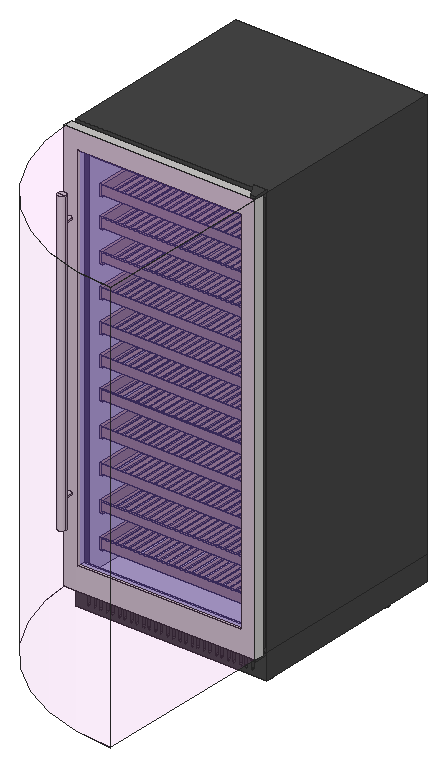
Revit family "QF_Summit_SWC1127B_Bottle_Wine_Cellar_For_Built_In", category Specialty Equipment, Revit 2020
Family settings
  Round Connector Dimension = Use Diameter
  Part Type = Normal
  Work Plane-Based = No
  Always vertical = Yes
  Cut with Voids When Loaded = No
  Shared = No
  Room Calculation Point = No
Parameters
  Weight in Pounds = 161
  Watts = Volts * FL Amps  # 207 W
  Volts = 115 V
  URL Cutsheet = ""
  Specification by User = ""
  Specification by Manufacturer = ""
  Show RHD [instance] = not(Show LHD)  # no
  Show LHD [instance] = yes
  Show Clearance [instance] = yes
  Serial Number = ""
  Seismic Rating = ""
  SMACNA No = ""
  Revision Code = ""
  Refrigerant Volume = 0.00 kip
  Refrigerant Type = "R600a"
  Phase = 1
  Number of Poles = 1
  NAFEM Spec ID Number = ""
  Model = "SWC1127B"
  Min Ckt Ampacity = 0 A
  Max Overcurrent Protection = 0 A
  Masterspec = ""
  Manufacturer = "Summit"
  Length = 23.63"
  Item Number = ""
  Installed By = ""
  Identify Quantity as Lot = yes
  Height = 55 1/4"
  HP = ""
  Furnished By = ""
  Foodservice Equipment Identifier = yes
  FL Amps = 1.8 A
  Electrical Remarks = ""
  Electric Connection Type = ""
  Elec Conn RI Height = 0"
  Elec Conn Connection Height = 0"
  Description = "Bottle Wine Cellar for Built In"
  Depth = 26 1/2"
  Default Elevation = 0"
  Cycle = 60 Hz
  Conn Plug = ""
  Conn Conduit = yes
  CSI MasterFormat = ""
  BTUH = 0.0 Btu/h
  Apparent Power = 0 VA
Reference planes (in)
  plane 1 "BACK": y = 0
  plane 2: z = 0
  plane 3 "LEFT": x = 0
  plane 4 "RIGHT": x = 23.63
  plane 5 "FRONT": y = -26.5
  plane 6 "TOP": z = 55.25
  plane 7 "Center Y": x = 11.815
  plane 8 "Center X": y = -13.25
Dimensions and locks (in)
  equal spacing: plane 3 "LEFT", plane 7 "Center Y", plane 4 "RIGHT"
  "Length": plane 3 "LEFT" to plane 4 "RIGHT"
  equal spacing: plane 5 "FRONT", plane 8 "Center X", plane 1 "BACK"
  "Depth": plane 5 "FRONT" to plane 1 "BACK"
  "Height": plane 6 "TOP" to level
  aligned and locked: level to plane 2
Nested families (in)
  nested 1: "SWC1127B" at (0, 0, 0), Show Clearance <- "Show Clearance", Show LHD <- "Show LHD", Show RHD <- "Show RHD", type "SWC1127B"
    with Show RHD no, Show LHD yes, Show Clearance yes
Connectors (in)
  electrical at (20.63579, 0.03125, 1.78785), driven by "Volts", driven by "Watts"
    settings: on nested 1, index 1, voltage 115 V, apparent load 207 VA, apparent load phase1 0 VA, apparent load phase2 0 VA, apparent load phase3 0 VA, power factor 1, load classification "Other", number of poles 1, system type 30, power factor state 1, is connector primary yes, connector utility no, sub classification motor no, connector description "ELECTRICAL CONNECTION"
Definition of nested family "SWC1127B"
  Parameters (values of type "SWC1127B")
    Weight in Pounds = 0
    URL Cutsheet = ""
    Specification by User = ""
    Specification by Manufacturer = ""
    Show RHD [instance] = no
    Show LHD [instance] = yes
    Show Clearance [instance] = yes
    Serial Number = ""
    Seismic Rating = ""
    SMACNA No = ""
    Revision Code = ""
    NAFEM Spec ID Number = ""
    Masterspec = ""
    Length = 23.63"
    Item Number = ""
    Installed By = ""
    Identify Quantity as Lot = yes
    Height = 55 1/4"
    Furnished By = ""
    Foodservice Equipment Identifier = yes
    Depth = 26 1/2"
    Default Elevation = 0"
    CSI MasterFormat = ""
  Reference planes (in)
    plane 1 "BACK": y = 0
    plane 2: z = 0
    plane 3 "LEFT": x = 0
    plane 4 "RIGHT": x = 23.63
    plane 5 "FRONT": y = -26.5
    plane 6 "TOP": z = 55.25
    plane 7 "Center Y": x = 11.815
    plane 8 "Center X": y = -13.25
    plane 9: y = -48.75
    plane 10: y = -3.68327
    plane 11: x = 0
    plane 12: x = 23.63
  Forms (in)
    Extrusion 1, solid
      sketch origin (-5.38661, -180, 1.25) x (-1, 0, 0) y (0, -1, 0)
        loop
          line (-5.38661, -180) -> (-5.38661, -155.25) -> (-29.01661, -155.25) -> (-29.01661, -180) -> (-5.38661, -180)
      from 0 to 3
    Extrusion 2, solid
      sketch origin (-5.38661, -180, 4.25) x (-1, 0, 0) y (0, -1, 0)
        loop
          line (-5.38661, -180) -> (-5.38661, -155.25) -> (-29.01661, -155.25) -> (-29.01661, -180) -> (-5.38661, -180)
      from 0 to 51
    Extrusion 3, solid
      sketch origin (-5.38661, -180, 4.25) x (0, -1, 0) y (-1, 0, 0)
        loop
          line (-154.6449, -5.38661) -> (-154.6449, -29.01661) -> (-153.5, -29.01661) -> (-153.5, -5.38661) -> (-154.6449, -5.38661)
      from 0 to -51
    Extrusion 4, solid
      sketch origin (-4.28331, -180, 4.82686) x (-1, 0, 0) y (0, -1, 0)
        loop
          line (-4.48217, -155.25) -> (-4.48217, -154.6449) -> (-27.76343, -154.6449) -> (-27.76343, -155.25) -> (-4.48217, -155.25)
      from 0 to 49.90514
    Extrusion 5, void
      sketch origin (51.83013, -180, 54.1875) x (-1, 0, 0) y (0, -1, 0)
        loop
          arc (49.65426, -176.31673) -> (50.00781, -176.17028) -> (50.15426, -175.81673) r 0.5
          line (50.15426, -175.81673) -> (50.15426, -154.6449) -> (29.88763, -154.6449) -> (29.88763, -175.81673)
          arc (29.88763, -175.81673) -> (30.03407, -176.17028) -> (30.38763, -176.31673) r 0.5
          line (30.38763, -176.31673) -> (49.65426, -176.31673)
      from 0 to -48.875
    Extrusion 6, void
      sketch origin (24.17997, -26.5, 4.25) x (1, 0, 0) y (0, 0, -1)
        loop
          line (-22.50411, -48.87651) -> (-2.23747, -48.87651) -> (-2.23747, -2.72271) -> (-22.50411, -2.72271) -> (-22.50411, -48.87651)
      from 0 to 1.1449
    Extrusion 7, solid
      sketch origin (0.96511, -23.24324, 48) x (-1, 0, 0) y (0, 0, 1)
        loop
          line (-0.71075, 0.00975) -> (-1.21075, 0.00975) -> (-1.21075, -1.38062) -> (-0.71075, -1.38062) -> (-0.71075, 0.00975)
        loop
          line (-0.71075, -3.584) -> (-1.21075, -3.584) -> (-1.21075, -4.97437) -> (-0.71075, -4.97437) -> (-0.71075, -3.584)
        loop
          line (-0.71075, -7.459) -> (-1.21075, -7.459) -> (-1.21075, -8.84937) -> (-0.71075, -8.84937) -> (-0.71075, -7.459)
        loop
          line (-0.71075, -11.3965) -> (-1.21075, -11.3965) -> (-1.21075, -12.78687) -> (-0.71075, -12.78687) -> (-0.71075, -11.3965)
        loop
          line (-0.71075, -15.27237) -> (-1.21075, -15.27237) -> (-1.21075, -16.66274) -> (-0.71075, -16.66274) -> (-0.71075, -15.27237)
        loop
          line (-0.71075, -18.92841) -> (-1.21075, -18.92841) -> (-1.21075, -20.31878) -> (-0.71075, -20.31878) -> (-0.71075, -18.92841)
        loop
          line (-0.71075, -22.67841) -> (-1.21075, -22.67841) -> (-1.21075, -24.06878) -> (-0.71075, -24.06878) -> (-0.71075, -22.67841)
        loop
          line (-0.71075, -26.80341) -> (-1.21075, -26.80341) -> (-1.21075, -28.19378) -> (-0.71075, -28.19378) -> (-0.71075, -26.80341)
        loop
          line (-0.71075, -30.92841) -> (-1.21075, -30.92841) -> (-1.21075, -32.31878) -> (-0.71075, -32.31878) -> (-0.71075, -30.92841)
        loop
          line (-0.71075, -35.05428) -> (-1.21075, -35.05428) -> (-1.21075, -36.44465) -> (-0.71075, -36.44465) -> (-0.71075, -35.05428)
        loop
          line (-0.71075, -39.17928) -> (-1.21075, -39.17928) -> (-1.21075, -40.56965) -> (-0.71075, -40.56965) -> (-0.71075, -39.17928)
        loop
          line (-20.97739, 0.00975) -> (-20.97739, -1.38062) -> (-20.47739, -1.38062) -> (-20.47739, 0.00975) -> (-20.97739, 0.00975)
        loop
          line (-20.97739, -3.584) -> (-20.97739, -4.97437) -> (-20.47739, -4.97437) -> (-20.47739, -3.584) -> (-20.97739, -3.584)
        loop
          line (-20.97739, -7.459) -> (-20.97739, -8.84937) -> (-20.47739, -8.84937) -> (-20.47739, -7.459) -> (-20.97739, -7.459)
        loop
          line (-20.97739, -11.3965) -> (-20.97739, -12.78687) -> (-20.47739, -12.78687) -> (-20.47739, -11.3965) -> (-20.97739, -11.3965)
        loop
          line (-20.97739, -15.27237) -> (-20.97739, -16.66274) -> (-20.47739, -16.66274) -> (-20.47739, -15.27237) -> (-20.97739, -15.27237)
        loop
          line (-20.97739, -18.92841) -> (-20.97739, -20.31878) -> (-20.47739, -20.31878) -> (-20.47739, -18.92841) -> (-20.97739, -18.92841)
        loop
          line (-20.97739, -22.67841) -> (-20.97739, -24.06878) -> (-20.47739, -24.06878) -> (-20.47739, -22.67841) -> (-20.97739, -22.67841)
        loop
          line (-20.97739, -26.80341) -> (-20.97739, -28.19378) -> (-20.47739, -28.19378) -> (-20.47739, -26.80341) -> (-20.97739, -26.80341)
        loop
          line (-20.97739, -30.92841) -> (-20.97739, -32.31878) -> (-20.47739, -32.31878) -> (-20.47739, -30.92841) -> (-20.97739, -30.92841)
        loop
          line (-20.97739, -35.05428) -> (-20.97739, -36.44465) -> (-20.47739, -36.44465) -> (-20.47739, -35.05428) -> (-20.97739, -35.05428)
        loop
          line (-20.97739, -39.17928) -> (-20.97739, -40.56965) -> (-20.47739, -40.56965) -> (-20.47739, -39.17928) -> (-20.97739, -39.17928)
      from 0 to 13.34917
    Extrusion 8, solid
      sketch origin (51.83013, -180, 5.3125) x (-1, 0, 0) y (0, -1, 0)
        loop
          line (50.15426, -175.81673) -> (50.15426, -170.31673) -> (29.88763, -170.31673) -> (29.88763, -175.81673)
          arc (29.88763, -175.81673) -> (30.03407, -176.17028) -> (30.38763, -176.31673) r 0.5
          line (30.38763, -176.31673) -> (49.65426, -176.31673)
          arc (49.65426, -176.31673) -> (50.00781, -176.17028) -> (50.15426, -175.81673) r 0.5
      from 0 to 4.79633
    Extrusion 9, solid
      sketch origin (0.96511, -23.24324, 48) x (1, 0, 0) y (0, 0, 1)
        loop
          line (1.21075, 0.00975) -> (1.21075, -1.07181) -> (20.47739, -1.07181) -> (20.47739, 0.00975) -> (1.21075, 0.00975)
        loop
          line (1.21075, -3.584) -> (1.21075, -4.67397) -> (20.47739, -4.67397) -> (20.47739, -3.584) -> (1.21075, -3.584)
        loop
          line (1.21075, -7.459) -> (1.21075, -8.54897) -> (20.47739, -8.54897) -> (20.47739, -7.459) -> (1.21075, -7.459)
        loop
          line (1.21075, -11.3965) -> (1.21075, -12.48647) -> (20.47739, -12.48647) -> (20.47739, -11.3965) -> (1.21075, -11.3965)
        loop
          line (1.21075, -22.67841) -> (1.21075, -23.76838) -> (20.47739, -23.76838) -> (20.47739, -22.67841) -> (1.21075, -22.67841)
        loop
          line (1.21075, -26.80341) -> (1.21075, -27.89338) -> (20.47739, -27.89338) -> (20.47739, -26.80341) -> (1.21075, -26.80341)
        loop
          line (1.21075, -35.05428) -> (1.21075, -36.13584) -> (20.47739, -36.13584) -> (20.47739, -35.05428) -> (1.21075, -35.05428)
        loop
          line (1.21075, -39.17928) -> (1.21075, -40.26926) -> (20.47739, -40.26926) -> (20.47739, -39.17928) -> (1.21075, -39.17928)
        loop
          line (1.21075, -30.92841) -> (1.21075, -32.01838) -> (20.47739, -32.01838) -> (20.47739, -30.92841) -> (1.21075, -30.92841)
        loop
          line (1.21075, -18.92841) -> (1.21075, -20.01838) -> (20.47739, -20.01838) -> (20.47739, -18.92841) -> (1.21075, -18.92841)
        loop
          line (1.21075, -15.27237) -> (1.21075, -16.36235) -> (20.47739, -16.36235) -> (20.47739, -15.27237) -> (1.21075, -15.27237)
      from 0 to 0.125
    Extrusion 10, solid
      sketch origin (0.96511, -9.89407, 47.84375) x (1, 0, 0) y (0, 0, -1)
        loop
          line (1.21075, -0.166) -> (20.47739, -0.166) -> (20.47739, 0.91556) -> (1.21075, 0.91556) -> (1.21075, -0.166)
        loop
          line (1.21075, 3.42775) -> (20.47739, 3.42775) -> (20.47739, 4.51772) -> (1.21075, 4.51772) -> (1.21075, 3.42775)
        loop
          line (1.21075, 7.30275) -> (20.47739, 7.30275) -> (20.47739, 8.39272) -> (1.21075, 8.39272) -> (1.21075, 7.30275)
        loop
          line (1.21075, 11.24025) -> (20.47739, 11.24025) -> (20.47739, 12.33022) -> (1.21075, 12.33022) -> (1.21075, 11.24025)
        loop
          line (1.21075, 22.52216) -> (20.47739, 22.52216) -> (20.47739, 23.61213) -> (1.21075, 23.61213) -> (1.21075, 22.52216)
        loop
          line (1.21075, 26.64716) -> (20.47739, 26.64716) -> (20.47739, 27.73713) -> (1.21075, 27.73713) -> (1.21075, 26.64716)
        loop
          line (1.21075, 34.89803) -> (20.47739, 34.89803) -> (20.47739, 35.97959) -> (1.21075, 35.97959) -> (1.21075, 34.89803)
        loop
          line (1.21075, 39.02303) -> (20.47739, 39.02303) -> (20.47739, 40.11301) -> (1.21075, 40.11301) -> (1.21075, 39.02303)
        loop
          line (1.21075, 30.77216) -> (20.47739, 30.77216) -> (20.47739, 31.86213) -> (1.21075, 31.86213) -> (1.21075, 30.77216)
        loop
          line (1.21075, 18.77216) -> (20.47739, 18.77216) -> (20.47739, 19.86213) -> (1.21075, 19.86213) -> (1.21075, 18.77216)
        loop
          line (1.21075, 15.11612) -> (20.47739, 15.11612) -> (20.47739, 16.2061) -> (1.21075, 16.2061) -> (1.21075, 15.11612)
      from 0 to 0.125
    Extrusion 11, solid
      sketch origin (-17.90989, -23.24324, 47.85217) x (1, 0, 0) y (0, 0, 1)
        loop
          line (20.08575, -0.92397) -> (20.58575, -0.92397) -> (20.58575, -0.85114) -> (20.08575, -0.85114) -> (20.08575, -0.92397)
      from 0 to -13.34917
    Extrusion 12, solid
      sketch origin (0.85675, -23.24324, 47.85217) x (1, 0, 0) y (0, 0, 1)
        loop
          line (20.08575, -0.92397) -> (20.58575, -0.92397) -> (20.58575, -0.85114) -> (20.08575, -0.85114) -> (20.08575, -0.92397)
      from 0 to -13.34917
    Extrusion 13, solid
      sketch origin (-17.12794, -23.24324, 47.85217) x (1, 0, 0) y (0, 0, 1)
        loop
          line (20.08575, -0.92397) -> (20.58575, -0.92397) -> (20.58575, -0.85114) -> (20.08575, -0.85114) -> (20.08575, -0.92397)
      from 0 to -13.34917
    Extrusion 14, solid
      sketch origin (-16.346, -23.24324, 47.85217) x (1, 0, 0) y (0, 0, 1)
        loop
          line (20.08575, -0.92397) -> (20.58575, -0.92397) -> (20.58575, -0.85114) -> (20.08575, -0.85114) -> (20.08575, -0.92397)
      from 0 to -13.34917
    Extrusion 15, solid
      sketch origin (-15.56406, -23.24324, 47.85217) x (1, 0, 0) y (0, 0, 1)
        loop
          line (20.08575, -0.92397) -> (20.58575, -0.92397) -> (20.58575, -0.85114) -> (20.08575, -0.85114) -> (20.08575, -0.92397)
      from 0 to -13.34917
    Extrusion 16, solid
      sketch origin (-14.78211, -23.24324, 47.85217) x (1, 0, 0) y (0, 0, 1)
        loop
          line (20.08575, -0.92397) -> (20.58575, -0.92397) -> (20.58575, -0.85114) -> (20.08575, -0.85114) -> (20.08575, -0.92397)
      from 0 to -13.34917
    Extrusion 17, solid
      sketch origin (-14.00017, -23.24324, 47.85217) x (1, 0, 0) y (0, 0, 1)
        loop
          line (20.08575, -0.92397) -> (20.58575, -0.92397) -> (20.58575, -0.85114) -> (20.08575, -0.85114) -> (20.08575, -0.92397)
      from 0 to -13.34917
    Extrusion 18, solid
      sketch origin (-13.21823, -23.24324, 47.85217) x (1, 0, 0) y (0, 0, 1)
        loop
          line (20.08575, -0.92397) -> (20.58575, -0.92397) -> (20.58575, -0.85114) -> (20.08575, -0.85114) -> (20.08575, -0.92397)
      from 0 to -13.34917
    Extrusion 19, solid
      sketch origin (-12.43629, -23.24324, 47.85217) x (1, 0, 0) y (0, 0, 1)
        loop
          line (20.08575, -0.92397) -> (20.58575, -0.92397) -> (20.58575, -0.85114) -> (20.08575, -0.85114) -> (20.08575, -0.92397)
      from 0 to -13.34917
    Extrusion 20, solid
      sketch origin (-11.65434, -23.24324, 47.85217) x (1, 0, 0) y (0, 0, 1)
        loop
          line (20.08575, -0.92397) -> (20.58575, -0.92397) -> (20.58575, -0.85114) -> (20.08575, -0.85114) -> (20.08575, -0.92397)
      from 0 to -13.34917
    Extrusion 21, solid
      sketch origin (-10.8724, -23.24324, 47.85217) x (1, 0, 0) y (0, 0, 1)
        loop
          line (20.08575, -0.92397) -> (20.58575, -0.92397) -> (20.58575, -0.85114) -> (20.08575, -0.85114) -> (20.08575, -0.92397)
      from 0 to -13.34917
    Extrusion 22, solid
      sketch origin (-10.09046, -23.24324, 47.85217) x (1, 0, 0) y (0, 0, 1)
        loop
          line (20.08575, -0.92397) -> (20.58575, -0.92397) -> (20.58575, -0.85114) -> (20.08575, -0.85114) -> (20.08575, -0.92397)
      from 0 to -13.34917
    Extrusion 23, solid
      sketch origin (-9.30851, -23.24324, 47.85217) x (1, 0, 0) y (0, 0, 1)
        loop
          line (20.08575, -0.92397) -> (20.58575, -0.92397) -> (20.58575, -0.85114) -> (20.08575, -0.85114) -> (20.08575, -0.92397)
      from 0 to -13.34917
    Extrusion 24, solid
      sketch origin (-8.52657, -23.24324, 47.85217) x (1, 0, 0) y (0, 0, 1)
        loop
          line (20.08575, -0.92397) -> (20.58575, -0.92397) -> (20.58575, -0.85114) -> (20.08575, -0.85114) -> (20.08575, -0.92397)
      from 0 to -13.34917
    Extrusion 25, solid
      sketch origin (-7.74463, -23.24324, 47.85217) x (1, 0, 0) y (0, 0, 1)
        loop
          line (20.08575, -0.92397) -> (20.58575, -0.92397) -> (20.58575, -0.85114) -> (20.08575, -0.85114) -> (20.08575, -0.92397)
      from 0 to -13.34917
    Extrusion 26, solid
      sketch origin (-6.96268, -23.24324, 47.85217) x (1, 0, 0) y (0, 0, 1)
        loop
          line (20.08575, -0.92397) -> (20.58575, -0.92397) -> (20.58575, -0.85114) -> (20.08575, -0.85114) -> (20.08575, -0.92397)
      from 0 to -13.34917
    Extrusion 27, solid
      sketch origin (-6.18074, -23.24324, 47.85217) x (1, 0, 0) y (0, 0, 1)
        loop
          line (20.08575, -0.92397) -> (20.58575, -0.92397) -> (20.58575, -0.85114) -> (20.08575, -0.85114) -> (20.08575, -0.92397)
      from 0 to -13.34917
    Extrusion 28, solid
      sketch origin (-5.3988, -23.24324, 47.85217) x (1, 0, 0) y (0, 0, 1)
        loop
          line (20.08575, -0.92397) -> (20.58575, -0.92397) -> (20.58575, -0.85114) -> (20.08575, -0.85114) -> (20.08575, -0.92397)
      from 0 to -13.34917
    Extrusion 29, solid
      sketch origin (-4.61685, -23.24324, 47.85217) x (1, 0, 0) y (0, 0, 1)
        loop
          line (20.08575, -0.92397) -> (20.58575, -0.92397) -> (20.58575, -0.85114) -> (20.08575, -0.85114) -> (20.08575, -0.92397)
      from 0 to -13.34917
    Extrusion 30, solid
      sketch origin (-3.83491, -23.24324, 47.85217) x (1, 0, 0) y (0, 0, 1)
        loop
          line (20.08575, -0.92397) -> (20.58575, -0.92397) -> (20.58575, -0.85114) -> (20.08575, -0.85114) -> (20.08575, -0.92397)
      from 0 to -13.34917
    Extrusion 31, solid
      sketch origin (-3.05297, -23.24324, 47.85217) x (1, 0, 0) y (0, 0, 1)
        loop
          line (20.08575, -0.92397) -> (20.58575, -0.92397) -> (20.58575, -0.85114) -> (20.08575, -0.85114) -> (20.08575, -0.92397)
      from 0 to -13.34917
    Extrusion 32, solid
      sketch origin (-2.27102, -23.24324, 47.85217) x (1, 0, 0) y (0, 0, 1)
        loop
          line (20.08575, -0.92397) -> (20.58575, -0.92397) -> (20.58575, -0.85114) -> (20.08575, -0.85114) -> (20.08575, -0.92397)
      from 0 to -13.34917
    Extrusion 33, solid
      sketch origin (-1.48908, -23.24324, 47.85217) x (1, 0, 0) y (0, 0, 1)
        loop
          line (20.08575, -0.92397) -> (20.58575, -0.92397) -> (20.58575, -0.85114) -> (20.08575, -0.85114) -> (20.08575, -0.92397)
      from 0 to -13.34917
    Extrusion 34, solid
      sketch origin (-0.70714, -23.24324, 47.85217) x (1, 0, 0) y (0, 0, 1)
        loop
          line (20.08575, -0.92397) -> (20.58575, -0.92397) -> (20.58575, -0.85114) -> (20.08575, -0.85114) -> (20.08575, -0.92397)
      from 0 to -13.34917
    Extrusion 35, solid
      sketch origin (0.07481, -23.24324, 47.85217) x (1, 0, 0) y (0, 0, 1)
        loop
          line (20.08575, -0.92397) -> (20.58575, -0.92397) -> (20.58575, -0.85114) -> (20.08575, -0.85114) -> (20.08575, -0.92397)
      from 0 to -13.34917
    Extrusion 36, solid
      sketch origin (-17.90989, -23.24324, 48) x (1, 0, 0) y (0, 0, 1)
        loop
          line (20.08575, -4.67397) -> (20.58575, -4.67397) -> (20.58575, -4.60114) -> (20.08575, -4.60114) -> (20.08575, -4.67397)
      from 0 to -13.34917
    Extrusion 37, solid
      sketch origin (-17.90989, -23.24324, 48) x (1, 0, 0) y (0, 0, 1)
        loop
          line (20.08575, -8.54897) -> (20.58575, -8.54897) -> (20.58575, -8.47614) -> (20.08575, -8.47614) -> (20.08575, -8.54897)
      from 0 to -13.34766
    Extrusion 38, solid
      sketch origin (-17.90989, -23.24324, 48) x (1, 0, 0) y (0, 0, 1)
        loop
          line (20.08575, -12.48647) -> (20.58575, -12.48647) -> (20.58575, -12.41364) -> (20.08575, -12.41364) -> (20.08575, -12.48647)
      from 0 to -13.34766
    Extrusion 39, solid
      sketch origin (-17.90989, -23.24324, 48) x (1, 0, 0) y (0, 0, 1)
        loop
          line (20.08575, -16.36235) -> (20.58575, -16.36235) -> (20.58575, -16.28951) -> (20.08575, -16.28951) -> (20.08575, -16.36235)
      from 0 to -13.34766
    Extrusion 40, solid
      sketch origin (-17.90989, -23.24324, 48) x (1, 0, 0) y (0, 0, 1)
        loop
          line (20.08575, -20.01838) -> (20.58575, -20.01838) -> (20.58575, -19.94555) -> (20.08575, -19.94555) -> (20.08575, -20.01838)
      from 0 to -13.34766
    Extrusion 41, solid
      sketch origin (-17.90989, -23.24324, 48) x (1, 0, 0) y (0, 0, 1)
        loop
          line (20.08575, -23.76838) -> (20.58575, -23.76838) -> (20.58575, -23.69555) -> (20.08575, -23.69555) -> (20.08575, -23.76838)
      from 0 to -13.34766
    Extrusion 42, solid
      sketch origin (-17.90989, -23.24324, 48) x (1, 0, 0) y (0, 0, 1)
        loop
          line (20.08575, -27.89338) -> (20.58575, -27.89338) -> (20.58575, -27.82055) -> (20.08575, -27.82055) -> (20.08575, -27.89338)
      from 0 to -13.34766
    Extrusion 43, solid
      sketch origin (-17.90989, -23.24324, 48) x (1, 0, 0) y (0, 0, 1)
        loop
          line (20.08575, -32.01838) -> (20.58575, -32.01838) -> (20.58575, -31.94555) -> (20.08575, -31.94555) -> (20.08575, -32.01838)
      from 0 to -13.34766
    Extrusion 44, solid
      sketch origin (-17.90989, -23.24324, 48) x (1, 0, 0) y (0, 0, 1)
        loop
          line (20.08575, -36.14426) -> (20.58575, -36.14426) -> (20.58575, -36.07142) -> (20.08575, -36.07142) -> (20.08575, -36.14426)
      from 0 to -13.34766
    Extrusion 45, solid
      sketch origin (-17.90989, -23.24324, 48) x (1, 0, 0) y (0, 0, 1)
        loop
          line (20.08575, -40.14426) -> (20.58575, -40.14426) -> (20.58575, -40.07142) -> (20.08575, -40.07142) -> (20.08575, -40.14426)
      from 0 to -13.34766
    Extrusion 46, solid
      sketch origin (0.85675, -23.24324, 48) x (1, 0, 0) y (0, 0, 1)
        loop
          line (20.08575, -4.67397) -> (20.58575, -4.67397) -> (20.58575, -4.60114) -> (20.08575, -4.60114) -> (20.08575, -4.67397)
      from 0 to -13.34917
    Extrusion 47, solid
      sketch origin (0.85675, -23.24324, 48) x (1, 0, 0) y (0, 0, 1)
        loop
          line (20.08575, -8.54897) -> (20.58575, -8.54897) -> (20.58575, -8.47614) -> (20.08575, -8.47614) -> (20.08575, -8.54897)
      from 0 to -13.34766
    Extrusion 48, solid
      sketch origin (0.85675, -23.24324, 48) x (1, 0, 0) y (0, 0, 1)
        loop
          line (20.08575, -12.48647) -> (20.58575, -12.48647) -> (20.58575, -12.41364) -> (20.08575, -12.41364) -> (20.08575, -12.48647)
      from 0 to -13.34766
    Extrusion 49, solid
      sketch origin (0.85675, -23.24324, 48) x (1, 0, 0) y (0, 0, 1)
        loop
          line (20.08575, -16.36235) -> (20.58575, -16.36235) -> (20.58575, -16.28951) -> (20.08575, -16.28951) -> (20.08575, -16.36235)
      from 0 to -13.34766
    Extrusion 50, solid
      sketch origin (0.85675, -23.24324, 48) x (1, 0, 0) y (0, 0, 1)
        loop
          line (20.08575, -20.01838) -> (20.58575, -20.01838) -> (20.58575, -19.94555) -> (20.08575, -19.94555) -> (20.08575, -20.01838)
      from 0 to -13.34766
    Extrusion 51, solid
      sketch origin (0.85675, -23.24324, 48) x (1, 0, 0) y (0, 0, 1)
        loop
          line (20.08575, -23.76838) -> (20.58575, -23.76838) -> (20.58575, -23.69555) -> (20.08575, -23.69555) -> (20.08575, -23.76838)
      from 0 to -13.34766
    Extrusion 52, solid
      sketch origin (0.85675, -23.24324, 48) x (1, 0, 0) y (0, 0, 1)
        loop
          line (20.08575, -27.89338) -> (20.58575, -27.89338) -> (20.58575, -27.82055) -> (20.08575, -27.82055) -> (20.08575, -27.89338)
      from 0 to -13.34766
    Extrusion 53, solid
      sketch origin (0.85675, -23.24324, 48) x (1, 0, 0) y (0, 0, 1)
        loop
          line (20.08575, -32.01838) -> (20.58575, -32.01838) -> (20.58575, -31.94555) -> (20.08575, -31.94555) -> (20.08575, -32.01838)
      from 0 to -13.34766
    Extrusion 54, solid
      sketch origin (0.85675, -23.24324, 48) x (1, 0, 0) y (0, 0, 1)
        loop
          line (20.08575, -36.14426) -> (20.58575, -36.14426) -> (20.58575, -36.07142) -> (20.08575, -36.07142) -> (20.08575, -36.14426)
      from 0 to -13.34766
    Extrusion 55, solid
      sketch origin (0.85675, -23.24324, 48) x (1, 0, 0) y (0, 0, 1)
        loop
          line (20.08575, -40.14426) -> (20.58575, -40.14426) -> (20.58575, -40.07142) -> (20.08575, -40.07142) -> (20.08575, -40.14426)
      from 0 to -13.34766
    Extrusion 56, solid
      sketch origin (-17.12794, -23.24324, 48) x (1, 0, 0) y (0, 0, 1)
        loop
          line (20.08575, -4.67397) -> (20.58575, -4.67397) -> (20.58575, -4.60114) -> (20.08575, -4.60114) -> (20.08575, -4.67397)
      from 0 to -13.34917
    Extrusion 57, solid
      sketch origin (-17.12794, -23.24324, 48) x (1, 0, 0) y (0, 0, 1)
        loop
          line (20.08575, -8.54897) -> (20.58575, -8.54897) -> (20.58575, -8.47614) -> (20.08575, -8.47614) -> (20.08575, -8.54897)
      from 0 to -13.34766
    Extrusion 58, solid
      sketch origin (-17.12794, -23.24324, 48) x (1, 0, 0) y (0, 0, 1)
        loop
          line (20.08575, -12.48647) -> (20.58575, -12.48647) -> (20.58575, -12.41364) -> (20.08575, -12.41364) -> (20.08575, -12.48647)
      from 0 to -13.34766
    Extrusion 59, solid
      sketch origin (-17.12794, -23.24324, 48) x (1, 0, 0) y (0, 0, 1)
        loop
          line (20.08575, -16.36235) -> (20.58575, -16.36235) -> (20.58575, -16.28951) -> (20.08575, -16.28951) -> (20.08575, -16.36235)
      from 0 to -13.34766
    Extrusion 60, solid
      sketch origin (-17.12794, -23.24324, 48) x (1, 0, 0) y (0, 0, 1)
        loop
          line (20.08575, -20.01838) -> (20.58575, -20.01838) -> (20.58575, -19.94555) -> (20.08575, -19.94555) -> (20.08575, -20.01838)
      from 0 to -13.34766
    Extrusion 61, solid
      sketch origin (-17.12794, -23.24324, 48) x (1, 0, 0) y (0, 0, 1)
        loop
          line (20.08575, -23.76838) -> (20.58575, -23.76838) -> (20.58575, -23.69555) -> (20.08575, -23.69555) -> (20.08575, -23.76838)
      from 0 to -13.34766
    Extrusion 62, solid
      sketch origin (-17.12794, -23.24324, 48) x (1, 0, 0) y (0, 0, 1)
        loop
          line (20.08575, -27.89338) -> (20.58575, -27.89338) -> (20.58575, -27.82055) -> (20.08575, -27.82055) -> (20.08575, -27.89338)
      from 0 to -13.34766
    Extrusion 63, solid
      sketch origin (-17.12794, -23.24324, 48) x (1, 0, 0) y (0, 0, 1)
        loop
          line (20.08575, -32.01838) -> (20.58575, -32.01838) -> (20.58575, -31.94555) -> (20.08575, -31.94555) -> (20.08575, -32.01838)
      from 0 to -13.34766
    Extrusion 64, solid
      sketch origin (-17.12794, -23.24324, 48) x (1, 0, 0) y (0, 0, 1)
        loop
          line (20.08575, -36.14426) -> (20.58575, -36.14426) -> (20.58575, -36.07142) -> (20.08575, -36.07142) -> (20.08575, -36.14426)
      from 0 to -13.34766
    Extrusion 65, solid
      sketch origin (-17.12794, -23.24324, 48) x (1, 0, 0) y (0, 0, 1)
        loop
          line (20.08575, -40.14426) -> (20.58575, -40.14426) -> (20.58575, -40.07142) -> (20.08575, -40.07142) -> (20.08575, -40.14426)
      from 0 to -13.34766
    Extrusion 66, solid
      sketch origin (-16.346, -23.24324, 48) x (1, 0, 0) y (0, 0, 1)
        loop
          line (20.08575, -4.67397) -> (20.58575, -4.67397) -> (20.58575, -4.60114) -> (20.08575, -4.60114) -> (20.08575, -4.67397)
      from 0 to -13.34917
    Extrusion 67, solid
      sketch origin (-16.346, -23.24324, 48) x (1, 0, 0) y (0, 0, 1)
        loop
          line (20.08575, -8.54897) -> (20.58575, -8.54897) -> (20.58575, -8.47614) -> (20.08575, -8.47614) -> (20.08575, -8.54897)
      from 0 to -13.34766
    Extrusion 68, solid
      sketch origin (-16.346, -23.24324, 48) x (1, 0, 0) y (0, 0, 1)
        loop
          line (20.08575, -12.48647) -> (20.58575, -12.48647) -> (20.58575, -12.41364) -> (20.08575, -12.41364) -> (20.08575, -12.48647)
      from 0 to -13.34766
    Extrusion 69, solid
      sketch origin (-16.346, -23.24324, 48) x (1, 0, 0) y (0, 0, 1)
        loop
          line (20.08575, -16.36235) -> (20.58575, -16.36235) -> (20.58575, -16.28951) -> (20.08575, -16.28951) -> (20.08575, -16.36235)
      from 0 to -13.34766
    Extrusion 70, solid
      sketch origin (-16.346, -23.24324, 48) x (1, 0, 0) y (0, 0, 1)
        loop
          line (20.08575, -20.01838) -> (20.58575, -20.01838) -> (20.58575, -19.94555) -> (20.08575, -19.94555) -> (20.08575, -20.01838)
      from 0 to -13.34766
    Extrusion 71, solid
      sketch origin (-16.346, -23.24324, 48) x (1, 0, 0) y (0, 0, 1)
        loop
          line (20.08575, -23.76838) -> (20.58575, -23.76838) -> (20.58575, -23.69555) -> (20.08575, -23.69555) -> (20.08575, -23.76838)
      from 0 to -13.34766
    Extrusion 72, solid
      sketch origin (-16.346, -23.24324, 48) x (1, 0, 0) y (0, 0, 1)
        loop
          line (20.08575, -27.89338) -> (20.58575, -27.89338) -> (20.58575, -27.82055) -> (20.08575, -27.82055) -> (20.08575, -27.89338)
      from 0 to -13.34766
    Extrusion 73, solid
      sketch origin (-16.346, -23.24324, 48) x (1, 0, 0) y (0, 0, 1)
        loop
          line (20.08575, -32.01838) -> (20.58575, -32.01838) -> (20.58575, -31.94555) -> (20.08575, -31.94555) -> (20.08575, -32.01838)
      from 0 to -13.34766
    Extrusion 74, solid
      sketch origin (-16.346, -23.24324, 48) x (1, 0, 0) y (0, 0, 1)
        loop
          line (20.08575, -36.14426) -> (20.58575, -36.14426) -> (20.58575, -36.07142) -> (20.08575, -36.07142) -> (20.08575, -36.14426)
      from 0 to -13.34766
    Extrusion 75, solid
      sketch origin (-16.346, -23.24324, 48) x (1, 0, 0) y (0, 0, 1)
        loop
          line (20.08575, -40.14426) -> (20.58575, -40.14426) -> (20.58575, -40.07142) -> (20.08575, -40.07142) -> (20.08575, -40.14426)
      from 0 to -13.34766
    Extrusion 76, solid
      sketch origin (-15.56406, -23.24324, 48) x (1, 0, 0) y (0, 0, 1)
        loop
          line (20.08575, -4.67397) -> (20.58575, -4.67397) -> (20.58575, -4.60114) -> (20.08575, -4.60114) -> (20.08575, -4.67397)
      from 0 to -13.34917
    Extrusion 77, solid
      sketch origin (-15.56406, -23.24324, 48) x (1, 0, 0) y (0, 0, 1)
        loop
          line (20.08575, -8.54897) -> (20.58575, -8.54897) -> (20.58575, -8.47614) -> (20.08575, -8.47614) -> (20.08575, -8.54897)
      from 0 to -13.34766
    Extrusion 78, solid
      sketch origin (-15.56406, -23.24324, 48) x (1, 0, 0) y (0, 0, 1)
        loop
          line (20.08575, -12.48647) -> (20.58575, -12.48647) -> (20.58575, -12.41364) -> (20.08575, -12.41364) -> (20.08575, -12.48647)
      from 0 to -13.34766
    Extrusion 79, solid
      sketch origin (-15.56406, -23.24324, 48) x (1, 0, 0) y (0, 0, 1)
        loop
          line (20.08575, -16.36235) -> (20.58575, -16.36235) -> (20.58575, -16.28951) -> (20.08575, -16.28951) -> (20.08575, -16.36235)
      from 0 to -13.34766
    Extrusion 80, solid
      sketch origin (-15.56406, -23.24324, 48) x (1, 0, 0) y (0, 0, 1)
        loop
          line (20.08575, -20.01838) -> (20.58575, -20.01838) -> (20.58575, -19.94555) -> (20.08575, -19.94555) -> (20.08575, -20.01838)
      from 0 to -13.34766
    Extrusion 81, solid
      sketch origin (-15.56406, -23.24324, 48) x (1, 0, 0) y (0, 0, 1)
        loop
          line (20.08575, -23.76838) -> (20.58575, -23.76838) -> (20.58575, -23.69555) -> (20.08575, -23.69555) -> (20.08575, -23.76838)
      from 0 to -13.34766
    Extrusion 82, solid
      sketch origin (-15.56406, -23.24324, 48) x (1, 0, 0) y (0, 0, 1)
        loop
          line (20.08575, -27.89338) -> (20.58575, -27.89338) -> (20.58575, -27.82055) -> (20.08575, -27.82055) -> (20.08575, -27.89338)
      from 0 to -13.34766
    Extrusion 83, solid
      sketch origin (-15.56406, -23.24324, 48) x (1, 0, 0) y (0, 0, 1)
        loop
          line (20.08575, -32.01838) -> (20.58575, -32.01838) -> (20.58575, -31.94555) -> (20.08575, -31.94555) -> (20.08575, -32.01838)
      from 0 to -13.34766
    Extrusion 84, solid
      sketch origin (-15.56406, -23.24324, 48) x (1, 0, 0) y (0, 0, 1)
        loop
          line (20.08575, -36.14426) -> (20.58575, -36.14426) -> (20.58575, -36.07142) -> (20.08575, -36.07142) -> (20.08575, -36.14426)
      from 0 to -13.34766
    Extrusion 85, solid
      sketch origin (-15.56406, -23.24324, 48) x (1, 0, 0) y (0, 0, 1)
        loop
          line (20.08575, -40.14426) -> (20.58575, -40.14426) -> (20.58575, -40.07142) -> (20.08575, -40.07142) -> (20.08575, -40.14426)
      from 0 to -13.34766
    Extrusion 86, solid
      sketch origin (-14.78211, -23.24324, 48) x (1, 0, 0) y (0, 0, 1)
        loop
          line (20.08575, -4.67397) -> (20.58575, -4.67397) -> (20.58575, -4.60114) -> (20.08575, -4.60114) -> (20.08575, -4.67397)
      from 0 to -13.34917
    Extrusion 87, solid
      sketch origin (-14.78211, -23.24324, 48) x (1, 0, 0) y (0, 0, 1)
        loop
          line (20.08575, -8.54897) -> (20.58575, -8.54897) -> (20.58575, -8.47614) -> (20.08575, -8.47614) -> (20.08575, -8.54897)
      from 0 to -13.34766
    Extrusion 88, solid
      sketch origin (-14.78211, -23.24324, 48) x (1, 0, 0) y (0, 0, 1)
        loop
          line (20.08575, -12.48647) -> (20.58575, -12.48647) -> (20.58575, -12.41364) -> (20.08575, -12.41364) -> (20.08575, -12.48647)
      from 0 to -13.34766
    Extrusion 89, solid
      sketch origin (-14.78211, -23.24324, 48) x (1, 0, 0) y (0, 0, 1)
        loop
          line (20.08575, -16.36235) -> (20.58575, -16.36235) -> (20.58575, -16.28951) -> (20.08575, -16.28951) -> (20.08575, -16.36235)
      from 0 to -13.34766
    Extrusion 90, solid
      sketch origin (-14.78211, -23.24324, 48) x (1, 0, 0) y (0, 0, 1)
        loop
          line (20.08575, -20.01838) -> (20.58575, -20.01838) -> (20.58575, -19.94555) -> (20.08575, -19.94555) -> (20.08575, -20.01838)
      from 0 to -13.34766
    Extrusion 91, solid
      sketch origin (-14.78211, -23.24324, 48) x (1, 0, 0) y (0, 0, 1)
        loop
          line (20.08575, -23.76838) -> (20.58575, -23.76838) -> (20.58575, -23.69555) -> (20.08575, -23.69555) -> (20.08575, -23.76838)
      from 0 to -13.34766
    Extrusion 92, solid
      sketch origin (-14.78211, -23.24324, 48) x (1, 0, 0) y (0, 0, 1)
        loop
          line (20.08575, -27.89338) -> (20.58575, -27.89338) -> (20.58575, -27.82055) -> (20.08575, -27.82055) -> (20.08575, -27.89338)
      from 0 to -13.34766
    Extrusion 93, solid
      sketch origin (-14.78211, -23.24324, 48) x (1, 0, 0) y (0, 0, 1)
        loop
          line (20.08575, -32.01838) -> (20.58575, -32.01838) -> (20.58575, -31.94555) -> (20.08575, -31.94555) -> (20.08575, -32.01838)
      from 0 to -13.34766
    Extrusion 94, solid
      sketch origin (-14.78211, -23.24324, 48) x (1, 0, 0) y (0, 0, 1)
        loop
          line (20.08575, -36.14426) -> (20.58575, -36.14426) -> (20.58575, -36.07142) -> (20.08575, -36.07142) -> (20.08575, -36.14426)
      from 0 to -13.34766
    Extrusion 95, solid
      sketch origin (-14.78211, -23.24324, 48) x (1, 0, 0) y (0, 0, 1)
        loop
          line (20.08575, -40.14426) -> (20.58575, -40.14426) -> (20.58575, -40.07142) -> (20.08575, -40.07142) -> (20.08575, -40.14426)
      from 0 to -13.34766
    Extrusion 96, solid
      sketch origin (-14.00017, -23.24324, 48) x (1, 0, 0) y (0, 0, 1)
        loop
          line (20.08575, -4.67397) -> (20.58575, -4.67397) -> (20.58575, -4.60114) -> (20.08575, -4.60114) -> (20.08575, -4.67397)
      from 0 to -13.34917
    Extrusion 97, solid
      sketch origin (-14.00017, -23.24324, 48) x (1, 0, 0) y (0, 0, 1)
        loop
          line (20.08575, -8.54897) -> (20.58575, -8.54897) -> (20.58575, -8.47614) -> (20.08575, -8.47614) -> (20.08575, -8.54897)
      from 0 to -13.34766
    Extrusion 98, solid
      sketch origin (-14.00017, -23.24324, 48) x (1, 0, 0) y (0, 0, 1)
        loop
          line (20.08575, -12.48647) -> (20.58575, -12.48647) -> (20.58575, -12.41364) -> (20.08575, -12.41364) -> (20.08575, -12.48647)
      from 0 to -13.34766
    Extrusion 99, solid
      sketch origin (-14.00017, -23.24324, 48) x (1, 0, 0) y (0, 0, 1)
        loop
          line (20.08575, -16.36235) -> (20.58575, -16.36235) -> (20.58575, -16.28951) -> (20.08575, -16.28951) -> (20.08575, -16.36235)
      from 0 to -13.34766
    Extrusion 100, solid
      sketch origin (-14.00017, -23.24324, 48) x (1, 0, 0) y (0, 0, 1)
        loop
          line (20.08575, -20.01838) -> (20.58575, -20.01838) -> (20.58575, -19.94555) -> (20.08575, -19.94555) -> (20.08575, -20.01838)
      from 0 to -13.34766
    Extrusion 101, solid
      sketch origin (-14.00017, -23.24324, 48) x (1, 0, 0) y (0, 0, 1)
        loop
          line (20.08575, -23.76838) -> (20.58575, -23.76838) -> (20.58575, -23.69555) -> (20.08575, -23.69555) -> (20.08575, -23.76838)
      from 0 to -13.34766
    Extrusion 102, solid
      sketch origin (-14.00017, -23.24324, 48) x (1, 0, 0) y (0, 0, 1)
        loop
          line (20.08575, -27.89338) -> (20.58575, -27.89338) -> (20.58575, -27.82055) -> (20.08575, -27.82055) -> (20.08575, -27.89338)
      from 0 to -13.34766
    Extrusion 103, solid
      sketch origin (-14.00017, -23.24324, 48) x (1, 0, 0) y (0, 0, 1)
        loop
          line (20.08575, -32.01838) -> (20.58575, -32.01838) -> (20.58575, -31.94555) -> (20.08575, -31.94555) -> (20.08575, -32.01838)
      from 0 to -13.34766
    Extrusion 104, solid
      sketch origin (-14.00017, -23.24324, 48) x (1, 0, 0) y (0, 0, 1)
        loop
          line (20.08575, -36.14426) -> (20.58575, -36.14426) -> (20.58575, -36.07142) -> (20.08575, -36.07142) -> (20.08575, -36.14426)
      from 0 to -13.34766
    Extrusion 105, solid
      sketch origin (-14.00017, -23.24324, 48) x (1, 0, 0) y (0, 0, 1)
        loop
          line (20.08575, -40.14426) -> (20.58575, -40.14426) -> (20.58575, -40.07142) -> (20.08575, -40.07142) -> (20.08575, -40.14426)
      from 0 to -13.34766
    Extrusion 106, solid
      sketch origin (-13.21823, -23.24324, 48) x (1, 0, 0) y (0, 0, 1)
        loop
          line (20.08575, -4.67397) -> (20.58575, -4.67397) -> (20.58575, -4.60114) -> (20.08575, -4.60114) -> (20.08575, -4.67397)
      from 0 to -13.34917
    Extrusion 107, solid
      sketch origin (-13.21823, -23.24324, 48) x (1, 0, 0) y (0, 0, 1)
        loop
          line (20.08575, -8.54897) -> (20.58575, -8.54897) -> (20.58575, -8.47614) -> (20.08575, -8.47614) -> (20.08575, -8.54897)
      from 0 to -13.34766
    Extrusion 108, solid
      sketch origin (-13.21823, -23.24324, 48) x (1, 0, 0) y (0, 0, 1)
        loop
          line (20.08575, -12.48647) -> (20.58575, -12.48647) -> (20.58575, -12.41364) -> (20.08575, -12.41364) -> (20.08575, -12.48647)
      from 0 to -13.34766
    Extrusion 109, solid
      sketch origin (-13.21823, -23.24324, 48) x (1, 0, 0) y (0, 0, 1)
        loop
          line (20.08575, -16.36235) -> (20.58575, -16.36235) -> (20.58575, -16.28951) -> (20.08575, -16.28951) -> (20.08575, -16.36235)
      from 0 to -13.34766
    Extrusion 110, solid
      sketch origin (-13.21823, -23.24324, 48) x (1, 0, 0) y (0, 0, 1)
        loop
          line (20.08575, -20.01838) -> (20.58575, -20.01838) -> (20.58575, -19.94555) -> (20.08575, -19.94555) -> (20.08575, -20.01838)
      from 0 to -13.34766
    Extrusion 111, solid
      sketch origin (-13.21823, -23.24324, 48) x (1, 0, 0) y (0, 0, 1)
        loop
          line (20.08575, -23.76838) -> (20.58575, -23.76838) -> (20.58575, -23.69555) -> (20.08575, -23.69555) -> (20.08575, -23.76838)
      from 0 to -13.34766
    Extrusion 112, solid
      sketch origin (-13.21823, -23.24324, 48) x (1, 0, 0) y (0, 0, 1)
        loop
          line (20.08575, -27.89338) -> (20.58575, -27.89338) -> (20.58575, -27.82055) -> (20.08575, -27.82055) -> (20.08575, -27.89338)
      from 0 to -13.34766
    Extrusion 113, solid
      sketch origin (-13.21823, -23.24324, 48) x (1, 0, 0) y (0, 0, 1)
        loop
          line (20.08575, -32.01838) -> (20.58575, -32.01838) -> (20.58575, -31.94555) -> (20.08575, -31.94555) -> (20.08575, -32.01838)
      from 0 to -13.34766
    Extrusion 114, solid
      sketch origin (-13.21823, -23.24324, 48) x (1, 0, 0) y (0, 0, 1)
        loop
          line (20.08575, -36.14426) -> (20.58575, -36.14426) -> (20.58575, -36.07142) -> (20.08575, -36.07142) -> (20.08575, -36.14426)
      from 0 to -13.34766
    Extrusion 115, solid
      sketch origin (-13.21823, -23.24324, 48) x (1, 0, 0) y (0, 0, 1)
        loop
          line (20.08575, -40.14426) -> (20.58575, -40.14426) -> (20.58575, -40.07142) -> (20.08575, -40.07142) -> (20.08575, -40.14426)
      from 0 to -13.34766
    Extrusion 116, solid
      sketch origin (-12.43629, -23.24324, 48) x (1, 0, 0) y (0, 0, 1)
        loop
          line (20.08575, -4.67397) -> (20.58575, -4.67397) -> (20.58575, -4.60114) -> (20.08575, -4.60114) -> (20.08575, -4.67397)
      from 0 to -13.34917
    Extrusion 117, solid
      sketch origin (-12.43629, -23.24324, 48) x (1, 0, 0) y (0, 0, 1)
        loop
          line (20.08575, -8.54897) -> (20.58575, -8.54897) -> (20.58575, -8.47614) -> (20.08575, -8.47614) -> (20.08575, -8.54897)
      from 0 to -13.34766
    Extrusion 118, solid
      sketch origin (-12.43629, -23.24324, 48) x (1, 0, 0) y (0, 0, 1)
        loop
          line (20.08575, -12.48647) -> (20.58575, -12.48647) -> (20.58575, -12.41364) -> (20.08575, -12.41364) -> (20.08575, -12.48647)
      from 0 to -13.34766
    Extrusion 119, solid
      sketch origin (-12.43629, -23.24324, 48) x (1, 0, 0) y (0, 0, 1)
        loop
          line (20.08575, -16.36235) -> (20.58575, -16.36235) -> (20.58575, -16.28951) -> (20.08575, -16.28951) -> (20.08575, -16.36235)
      from 0 to -13.34766
    Extrusion 120, solid
      sketch origin (-12.43629, -23.24324, 48) x (1, 0, 0) y (0, 0, 1)
        loop
          line (20.08575, -20.01838) -> (20.58575, -20.01838) -> (20.58575, -19.94555) -> (20.08575, -19.94555) -> (20.08575, -20.01838)
      from 0 to -13.34766
    Extrusion 121, solid
      sketch origin (-12.43629, -23.24324, 48) x (1, 0, 0) y (0, 0, 1)
        loop
          line (20.08575, -23.76838) -> (20.58575, -23.76838) -> (20.58575, -23.69555) -> (20.08575, -23.69555) -> (20.08575, -23.76838)
      from 0 to -13.34766
    Extrusion 122, solid
      sketch origin (-12.43629, -23.24324, 48) x (1, 0, 0) y (0, 0, 1)
        loop
          line (20.08575, -27.89338) -> (20.58575, -27.89338) -> (20.58575, -27.82055) -> (20.08575, -27.82055) -> (20.08575, -27.89338)
      from 0 to -13.34766
    Extrusion 123, solid
      sketch origin (-12.43629, -23.24324, 48) x (1, 0, 0) y (0, 0, 1)
        loop
          line (20.08575, -32.01838) -> (20.58575, -32.01838) -> (20.58575, -31.94555) -> (20.08575, -31.94555) -> (20.08575, -32.01838)
      from 0 to -13.34766
    Extrusion 124, solid
      sketch origin (-12.43629, -23.24324, 48) x (1, 0, 0) y (0, 0, 1)
        loop
          line (20.08575, -36.14426) -> (20.58575, -36.14426) -> (20.58575, -36.07142) -> (20.08575, -36.07142) -> (20.08575, -36.14426)
      from 0 to -13.34766
    Extrusion 125, solid
      sketch origin (-12.43629, -23.24324, 48) x (1, 0, 0) y (0, 0, 1)
        loop
          line (20.08575, -40.14426) -> (20.58575, -40.14426) -> (20.58575, -40.07142) -> (20.08575, -40.07142) -> (20.08575, -40.14426)
      from 0 to -13.34766
    Extrusion 126, solid
      sketch origin (-11.65434, -23.24324, 48) x (1, 0, 0) y (0, 0, 1)
        loop
          line (20.08575, -4.67397) -> (20.58575, -4.67397) -> (20.58575, -4.60114) -> (20.08575, -4.60114) -> (20.08575, -4.67397)
      from 0 to -13.34917
    Extrusion 127, solid
      sketch origin (-11.65434, -23.24324, 48) x (1, 0, 0) y (0, 0, 1)
        loop
          line (20.08575, -8.54897) -> (20.58575, -8.54897) -> (20.58575, -8.47614) -> (20.08575, -8.47614) -> (20.08575, -8.54897)
      from 0 to -13.34766
    Extrusion 128, solid
      sketch origin (-11.65434, -23.24324, 48) x (1, 0, 0) y (0, 0, 1)
        loop
          line (20.08575, -12.48647) -> (20.58575, -12.48647) -> (20.58575, -12.41364) -> (20.08575, -12.41364) -> (20.08575, -12.48647)
      from 0 to -13.34766
    Extrusion 129, solid
      sketch origin (-11.65434, -23.24324, 48) x (1, 0, 0) y (0, 0, 1)
        loop
          line (20.08575, -16.36235) -> (20.58575, -16.36235) -> (20.58575, -16.28951) -> (20.08575, -16.28951) -> (20.08575, -16.36235)
      from 0 to -13.34766
    Extrusion 130, solid
      sketch origin (-11.65434, -23.24324, 48) x (1, 0, 0) y (0, 0, 1)
        loop
          line (20.08575, -20.01838) -> (20.58575, -20.01838) -> (20.58575, -19.94555) -> (20.08575, -19.94555) -> (20.08575, -20.01838)
      from 0 to -13.34766
    Extrusion 131, solid
      sketch origin (-11.65434, -23.24324, 48) x (1, 0, 0) y (0, 0, 1)
        loop
          line (20.08575, -23.76838) -> (20.58575, -23.76838) -> (20.58575, -23.69555) -> (20.08575, -23.69555) -> (20.08575, -23.76838)
      from 0 to -13.34766
    Extrusion 132, solid
      sketch origin (-11.65434, -23.24324, 48) x (1, 0, 0) y (0, 0, 1)
        loop
          line (20.08575, -27.89338) -> (20.58575, -27.89338) -> (20.58575, -27.82055) -> (20.08575, -27.82055) -> (20.08575, -27.89338)
      from 0 to -13.34766
    Extrusion 133, solid
      sketch origin (-11.65434, -23.24324, 48) x (1, 0, 0) y (0, 0, 1)
        loop
          line (20.08575, -32.01838) -> (20.58575, -32.01838) -> (20.58575, -31.94555) -> (20.08575, -31.94555) -> (20.08575, -32.01838)
      from 0 to -13.34766
    Extrusion 134, solid
      sketch origin (-11.65434, -23.24324, 48) x (1, 0, 0) y (0, 0, 1)
        loop
          line (20.08575, -36.14426) -> (20.58575, -36.14426) -> (20.58575, -36.07142) -> (20.08575, -36.07142) -> (20.08575, -36.14426)
      from 0 to -13.34766
    Extrusion 135, solid
      sketch origin (-11.65434, -23.24324, 48) x (1, 0, 0) y (0, 0, 1)
        loop
          line (20.08575, -40.14426) -> (20.58575, -40.14426) -> (20.58575, -40.07142) -> (20.08575, -40.07142) -> (20.08575, -40.14426)
      from 0 to -13.34766
    Extrusion 136, solid
      sketch origin (-10.8724, -23.24324, 48) x (1, 0, 0) y (0, 0, 1)
        loop
          line (20.08575, -4.67397) -> (20.58575, -4.67397) -> (20.58575, -4.60114) -> (20.08575, -4.60114) -> (20.08575, -4.67397)
      from 0 to -13.34917
    Extrusion 137, solid
      sketch origin (-10.8724, -23.24324, 48) x (1, 0, 0) y (0, 0, 1)
        loop
          line (20.08575, -8.54897) -> (20.58575, -8.54897) -> (20.58575, -8.47614) -> (20.08575, -8.47614) -> (20.08575, -8.54897)
      from 0 to -13.34766
    Extrusion 138, solid
      sketch origin (-10.8724, -23.24324, 48) x (1, 0, 0) y (0, 0, 1)
        loop
          line (20.08575, -12.48647) -> (20.58575, -12.48647) -> (20.58575, -12.41364) -> (20.08575, -12.41364) -> (20.08575, -12.48647)
      from 0 to -13.34766
    Extrusion 139, solid
      sketch origin (-10.8724, -23.24324, 48) x (1, 0, 0) y (0, 0, 1)
        loop
          line (20.08575, -16.36235) -> (20.58575, -16.36235) -> (20.58575, -16.28951) -> (20.08575, -16.28951) -> (20.08575, -16.36235)
      from 0 to -13.34766
    Extrusion 140, solid
      sketch origin (-10.8724, -23.24324, 48) x (1, 0, 0) y (0, 0, 1)
        loop
          line (20.08575, -20.01838) -> (20.58575, -20.01838) -> (20.58575, -19.94555) -> (20.08575, -19.94555) -> (20.08575, -20.01838)
      from 0 to -13.34766
    Extrusion 141, solid
      sketch origin (-10.8724, -23.24324, 48) x (1, 0, 0) y (0, 0, 1)
        loop
          line (20.08575, -23.76838) -> (20.58575, -23.76838) -> (20.58575, -23.69555) -> (20.08575, -23.69555) -> (20.08575, -23.76838)
      from 0 to -13.34766
    Extrusion 142, solid
      sketch origin (-10.8724, -23.24324, 48) x (1, 0, 0) y (0, 0, 1)
        loop
          line (20.08575, -27.89338) -> (20.58575, -27.89338) -> (20.58575, -27.82055) -> (20.08575, -27.82055) -> (20.08575, -27.89338)
      from 0 to -13.34766
    Extrusion 143, solid
      sketch origin (-10.8724, -23.24324, 48) x (1, 0, 0) y (0, 0, 1)
        loop
          line (20.08575, -32.01838) -> (20.58575, -32.01838) -> (20.58575, -31.94555) -> (20.08575, -31.94555) -> (20.08575, -32.01838)
      from 0 to -13.34766
    Extrusion 144, solid
      sketch origin (-10.8724, -23.24324, 48) x (1, 0, 0) y (0, 0, 1)
        loop
          line (20.08575, -36.14426) -> (20.58575, -36.14426) -> (20.58575, -36.07142) -> (20.08575, -36.07142) -> (20.08575, -36.14426)
      from 0 to -13.34766
    Extrusion 145, solid
      sketch origin (-10.8724, -23.24324, 48) x (1, 0, 0) y (0, 0, 1)
        loop
          line (20.08575, -40.14426) -> (20.58575, -40.14426) -> (20.58575, -40.07142) -> (20.08575, -40.07142) -> (20.08575, -40.14426)
      from 0 to -13.34766
    Extrusion 146, solid
      sketch origin (-10.09046, -23.24324, 48) x (1, 0, 0) y (0, 0, 1)
        loop
          line (20.08575, -4.67397) -> (20.58575, -4.67397) -> (20.58575, -4.60114) -> (20.08575, -4.60114) -> (20.08575, -4.67397)
      from 0 to -13.34917
    Extrusion 147, solid
      sketch origin (-10.09046, -23.24324, 48) x (1, 0, 0) y (0, 0, 1)
        loop
          line (20.08575, -8.54897) -> (20.58575, -8.54897) -> (20.58575, -8.47614) -> (20.08575, -8.47614) -> (20.08575, -8.54897)
      from 0 to -13.34766
    Extrusion 148, solid
      sketch origin (-10.09046, -23.24324, 48) x (1, 0, 0) y (0, 0, 1)
        loop
          line (20.08575, -12.48647) -> (20.58575, -12.48647) -> (20.58575, -12.41364) -> (20.08575, -12.41364) -> (20.08575, -12.48647)
      from 0 to -13.34766
    Extrusion 149, solid
      sketch origin (-10.09046, -23.24324, 48) x (1, 0, 0) y (0, 0, 1)
        loop
          line (20.08575, -16.36235) -> (20.58575, -16.36235) -> (20.58575, -16.28951) -> (20.08575, -16.28951) -> (20.08575, -16.36235)
      from 0 to -13.34766
    Extrusion 150, solid
      sketch origin (-10.09046, -23.24324, 48) x (1, 0, 0) y (0, 0, 1)
        loop
          line (20.08575, -20.01838) -> (20.58575, -20.01838) -> (20.58575, -19.94555) -> (20.08575, -19.94555) -> (20.08575, -20.01838)
      from 0 to -13.34766
    Extrusion 151, solid
      sketch origin (-10.09046, -23.24324, 48) x (1, 0, 0) y (0, 0, 1)
        loop
          line (20.08575, -23.76838) -> (20.58575, -23.76838) -> (20.58575, -23.69555) -> (20.08575, -23.69555) -> (20.08575, -23.76838)
      from 0 to -13.34766
    Extrusion 152, solid
      sketch origin (-10.09046, -23.24324, 48) x (1, 0, 0) y (0, 0, 1)
        loop
          line (20.08575, -27.89338) -> (20.58575, -27.89338) -> (20.58575, -27.82055) -> (20.08575, -27.82055) -> (20.08575, -27.89338)
      from 0 to -13.34766
    Extrusion 153, solid
      sketch origin (-10.09046, -23.24324, 48) x (1, 0, 0) y (0, 0, 1)
        loop
          line (20.08575, -32.01838) -> (20.58575, -32.01838) -> (20.58575, -31.94555) -> (20.08575, -31.94555) -> (20.08575, -32.01838)
      from 0 to -13.34766
    Extrusion 154, solid
      sketch origin (-10.09046, -23.24324, 48) x (1, 0, 0) y (0, 0, 1)
        loop
          line (20.08575, -36.14426) -> (20.58575, -36.14426) -> (20.58575, -36.07142) -> (20.08575, -36.07142) -> (20.08575, -36.14426)
      from 0 to -13.34766
    Extrusion 155, solid
      sketch origin (-10.09046, -23.24324, 48) x (1, 0, 0) y (0, 0, 1)
        loop
          line (20.08575, -40.14426) -> (20.58575, -40.14426) -> (20.58575, -40.07142) -> (20.08575, -40.07142) -> (20.08575, -40.14426)
      from 0 to -13.34766
    Extrusion 156, solid
      sketch origin (-9.30851, -23.24324, 48) x (1, 0, 0) y (0, 0, 1)
        loop
          line (20.08575, -4.67397) -> (20.58575, -4.67397) -> (20.58575, -4.60114) -> (20.08575, -4.60114) -> (20.08575, -4.67397)
      from 0 to -13.34917
    Extrusion 157, solid
      sketch origin (-9.30851, -23.24324, 48) x (1, 0, 0) y (0, 0, 1)
        loop
          line (20.08575, -8.54897) -> (20.58575, -8.54897) -> (20.58575, -8.47614) -> (20.08575, -8.47614) -> (20.08575, -8.54897)
      from 0 to -13.34766
    Extrusion 158, solid
      sketch origin (-9.30851, -23.24324, 48) x (1, 0, 0) y (0, 0, 1)
        loop
          line (20.08575, -12.48647) -> (20.58575, -12.48647) -> (20.58575, -12.41364) -> (20.08575, -12.41364) -> (20.08575, -12.48647)
      from 0 to -13.34766
    Extrusion 159, solid
      sketch origin (-9.30851, -23.24324, 48) x (1, 0, 0) y (0, 0, 1)
        loop
          line (20.08575, -16.36235) -> (20.58575, -16.36235) -> (20.58575, -16.28951) -> (20.08575, -16.28951) -> (20.08575, -16.36235)
      from 0 to -13.34766
    Extrusion 160, solid
      sketch origin (-9.30851, -23.24324, 48) x (1, 0, 0) y (0, 0, 1)
        loop
          line (20.08575, -20.01838) -> (20.58575, -20.01838) -> (20.58575, -19.94555) -> (20.08575, -19.94555) -> (20.08575, -20.01838)
      from 0 to -13.34766
    Extrusion 161, solid
      sketch origin (-9.30851, -23.24324, 48) x (1, 0, 0) y (0, 0, 1)
        loop
          line (20.08575, -23.76838) -> (20.58575, -23.76838) -> (20.58575, -23.69555) -> (20.08575, -23.69555) -> (20.08575, -23.76838)
      from 0 to -13.34766
    Extrusion 162, solid
      sketch origin (-9.30851, -23.24324, 48) x (1, 0, 0) y (0, 0, 1)
        loop
          line (20.08575, -27.89338) -> (20.58575, -27.89338) -> (20.58575, -27.82055) -> (20.08575, -27.82055) -> (20.08575, -27.89338)
      from 0 to -13.34766
    Extrusion 163, solid
      sketch origin (-9.30851, -23.24324, 48) x (1, 0, 0) y (0, 0, 1)
        loop
          line (20.08575, -32.01838) -> (20.58575, -32.01838) -> (20.58575, -31.94555) -> (20.08575, -31.94555) -> (20.08575, -32.01838)
      from 0 to -13.34766
    Extrusion 164, solid
      sketch origin (-9.30851, -23.24324, 48) x (1, 0, 0) y (0, 0, 1)
        loop
          line (20.08575, -36.14426) -> (20.58575, -36.14426) -> (20.58575, -36.07142) -> (20.08575, -36.07142) -> (20.08575, -36.14426)
      from 0 to -13.34766
    Extrusion 165, solid
      sketch origin (-9.30851, -23.24324, 48) x (1, 0, 0) y (0, 0, 1)
        loop
          line (20.08575, -40.14426) -> (20.58575, -40.14426) -> (20.58575, -40.07142) -> (20.08575, -40.07142) -> (20.08575, -40.14426)
      from 0 to -13.34766
    Extrusion 166, solid
      sketch origin (-8.52657, -23.24324, 48) x (1, 0, 0) y (0, 0, 1)
        loop
          line (20.08575, -4.67397) -> (20.58575, -4.67397) -> (20.58575, -4.60114) -> (20.08575, -4.60114) -> (20.08575, -4.67397)
      from 0 to -13.34917
    Extrusion 167, solid
      sketch origin (-8.52657, -23.24324, 48) x (1, 0, 0) y (0, 0, 1)
        loop
          line (20.08575, -8.54897) -> (20.58575, -8.54897) -> (20.58575, -8.47614) -> (20.08575, -8.47614) -> (20.08575, -8.54897)
      from 0 to -13.34766
    Extrusion 168, solid
      sketch origin (-8.52657, -23.24324, 48) x (1, 0, 0) y (0, 0, 1)
        loop
          line (20.08575, -12.48647) -> (20.58575, -12.48647) -> (20.58575, -12.41364) -> (20.08575, -12.41364) -> (20.08575, -12.48647)
      from 0 to -13.34766
    Extrusion 169, solid
      sketch origin (-8.52657, -23.24324, 48) x (1, 0, 0) y (0, 0, 1)
        loop
          line (20.08575, -16.36235) -> (20.58575, -16.36235) -> (20.58575, -16.28951) -> (20.08575, -16.28951) -> (20.08575, -16.36235)
      from 0 to -13.34766
    Extrusion 170, solid
      sketch origin (-8.52657, -23.24324, 48) x (1, 0, 0) y (0, 0, 1)
        loop
          line (20.08575, -20.01838) -> (20.58575, -20.01838) -> (20.58575, -19.94555) -> (20.08575, -19.94555) -> (20.08575, -20.01838)
      from 0 to -13.34766
    Extrusion 171, solid
      sketch origin (-8.52657, -23.24324, 48) x (1, 0, 0) y (0, 0, 1)
        loop
          line (20.08575, -23.76838) -> (20.58575, -23.76838) -> (20.58575, -23.69555) -> (20.08575, -23.69555) -> (20.08575, -23.76838)
      from 0 to -13.34766
    Extrusion 172, solid
      sketch origin (-8.52657, -23.24324, 48) x (1, 0, 0) y (0, 0, 1)
        loop
          line (20.08575, -27.89338) -> (20.58575, -27.89338) -> (20.58575, -27.82055) -> (20.08575, -27.82055) -> (20.08575, -27.89338)
      from 0 to -13.34766
    Extrusion 173, solid
      sketch origin (-8.52657, -23.24324, 48) x (1, 0, 0) y (0, 0, 1)
        loop
          line (20.08575, -32.01838) -> (20.58575, -32.01838) -> (20.58575, -31.94555) -> (20.08575, -31.94555) -> (20.08575, -32.01838)
      from 0 to -13.34766
    Extrusion 174, solid
      sketch origin (-8.52657, -23.24324, 48) x (1, 0, 0) y (0, 0, 1)
        loop
          line (20.08575, -36.14426) -> (20.58575, -36.14426) -> (20.58575, -36.07142) -> (20.08575, -36.07142) -> (20.08575, -36.14426)
      from 0 to -13.34766
    Extrusion 175, solid
      sketch origin (-8.52657, -23.24324, 48) x (1, 0, 0) y (0, 0, 1)
        loop
          line (20.08575, -40.14426) -> (20.58575, -40.14426) -> (20.58575, -40.07142) -> (20.08575, -40.07142) -> (20.08575, -40.14426)
      from 0 to -13.34766
    Extrusion 176, solid
      sketch origin (-7.74463, -23.24324, 48) x (1, 0, 0) y (0, 0, 1)
        loop
          line (20.08575, -4.67397) -> (20.58575, -4.67397) -> (20.58575, -4.60114) -> (20.08575, -4.60114) -> (20.08575, -4.67397)
      from 0 to -13.34917
